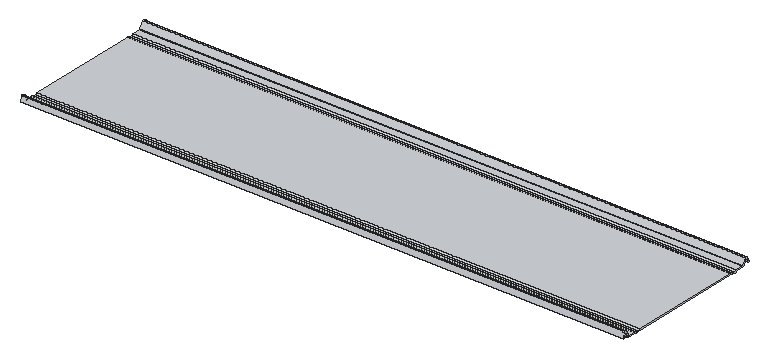
Revit family "LHBV24", category Lighting Fixtures, host Ceiling, Revit 2019
Family settings
  Host = Ceiling
  Round Connector Dimension = Use Diameter
  Part Type = Normal
  OmniClass Number = 23.80.70.11
  OmniClass Title = Luminaries for Internal Lighting
  Always vertical = Yes
  Cut with Voids When Loaded = No
  Light Source = Yes
  Shared = No
  Room Calculation Point = No
Parameters (values of type "LHBV24-LED840K150LUNV")
  Width = 1' - 2 143/256"
  Wattage = 106 W
  built-in parameter 1150110 = 1 (stored number, unit not read)
  Voltage = 120 V
  URL = "https://www.viscor.com/en/products/lhbv"
  built-in parameter 1114217 = 0.9 (stored number, unit not read)
  Tilt Angle = 90.00°
  built-in parameter 1150109 = 1 (stored number, unit not read)
  built-in parameter 1150134 = 12
  built-in parameter 1150113 = 1 (stored number, unit not read)
  Photometric Web File = "LHBV24-LED840K150LUNV-P05.ies"
  Model = "LHBV"  # constant formula
  Manufacturer = "VISIONEERING by VISCOR"  # constant formula
  Lumens = 15794 lm
  built-in parameter 1150115 = 1 (stored number, unit not read)
  built-in parameter 1150105 = 1256.8 (stored number, unit not read)
  built-in parameter 1150137 = (empty or 0)
  built-in parameter 1150139 = (empty or 0)
  Lens Finsih = Acrylic - Viscor - High Impact Textured
  Length = 4' - 3 31/32"
  Lamp Wattage = 106 VA
  built-in parameter 1150112 = 1 (stored number, unit not read)
  built-in parameter 1150114 = 1 (stored number, unit not read)
  Lamp = "LED"  # constant formula
  built-in parameter 1150132 = (empty or 0)
  built-in parameter 1150102 = (empty or 0)
  built-in parameter 1150138 = (empty or 0)
  built-in parameter 1150107 = 4000 (stored number, unit not read)
  built-in parameter 1150106 = 12.568 (stored number, unit not read)
  Housing Finish = Metal - Viscor - White
  Emit from Line Length = Length  # 4' - 3 31/32"
  built-in parameter 1150104 = 13.843 (stored number, unit not read)
  Dimming Lamp Color Temperature Shift = <None>
  Description = "LED High Bay Vapour"  # constant formula
  Color Filter = 16777215
  built-in parameter 1114218 = 1 (stored number, unit not read)
  built-in parameter 1150133 = 10 (stored number, unit not read)
  Assembly Code = "D5020200"
  Apparent Load = Lamp Wattage  # 106 VA
Types (6): name | Width | Wattage | Photometric Web File | Lumens | built-in parameter 1150105 | Length | Lamp Wattage | built-in parameter 1150106 | Emit from Line Length | built-in parameter 1150104 | Apparent Load
  (no name) | 1' - 2 143/256" | 106 W | "LHBV24-LED840K150LUNV-P05.ies" | 15794 lm | 1256.8 (stored number, unit not read) | 4' - 3 31/32" | 106 VA | 12.568 (stored number, unit not read) | 4' - 3 31/32" | 13.843 (stored number, unit not read) | 106 VA
  LHBV24-LED840K080LUNV | 1' - 2 143/256" | 56 W | "LHBV24-LED840K080LUNV-P05.ies" | 8288 lm | 659.54 (stored number, unit not read) | 4' - 3 31/32" | 56 VA | 6.5954 (stored number, unit not read) | 4' - 3 31/32" | 13.75 (stored number, unit not read) | 56 VA
  LHBV24-LED840K120LUNV | 1' - 2 9/16" | 84 W | "LHBV24-LED840K120LUNV-P05.ies" | 12768 lm | 1016 (stored number, unit not read) | 4' - 3 31/32" | 84 VA | 10.16 (stored number, unit not read) | 4' - 3 31/32" | 14.121 (stored number, unit not read) | 84 VA
  LHBV24-LED840K150LUNV | 1' - 2 143/256" | 106 W | "LHBV24-LED840K150LUNV-P05.ies" | 15794 lm | 1256.8 (stored number, unit not read) | 4' - 3 31/32" | 106 VA | 12.568 (stored number, unit not read) | 4' - 3 31/32" | 13.843 (stored number, unit not read) | 106 VA
  LHBV24-LED840K180LUNV | 1' - 2 143/256" | 127 W | "LHBV24-LED840K180LUNV-P05.ies" | 18923 lm | 1505.8 (stored number, unit not read) | 4' - 3 31/32" | 158 VA | 15.058 (stored number, unit not read) | 4' - 3 31/32" | 13.843 (stored number, unit not read) | 158 VA
  LHBV24-LED840K240LUNV | 1' - 2 143/256" | 166 W | 0' - 0" | 24568 lm | 1955.1 (stored number, unit not read) | 2' - 2 161/256" | 166 VA | 19.551 (stored number, unit not read) | 2' - 2 161/256" | 13.75 (stored number, unit not read) | 166 VA
Reference planes (in)
  plane 1 "Light Source Axis (F/B)": y = 0
  plane 2 "Ceiling": z = 96
  plane 3 "Light Source Axis (L/R)": x = 0
  plane 4 "Light Source Elevation": z = 89.875
  plane 5: x = -25.98437
  plane 6: x = 25.98438
  plane 7: y = 7.2793
  plane 8: y = -7.2793
  plane 9: y = 6.2793
  plane 10: y = -6.2793
  plane 11: x = -25.10937
  plane 12: x = 25.10938
Forms (in)
  Extrusion 1, solid
    sketch origin (0, 0, 0.9375) x (0, 1, 0) y (0, 0, 1)
      loop
        line (6.47114, 92.13912) -> (6.50133, 92.14721) -> (6.38637, 92.57623)
        arc (6.38637, 92.57623) -> (6.32768, 92.6277) -> (6.25767, 92.59317) r 0.07025
        line (6.25767, 92.59317) -> (5.97722, 92.10742)
        arc (5.97722, 92.10742) -> (5.96341, 92.0936) -> (5.94453, 92.08854) r 0.03775
        line (5.94453, 92.08854) -> (5.24849, 92.08854) -> (5.13766, 91.99554) -> (4.85844, 91.99554) -> (4.74761, 92.08854) -> (-4.74761, 92.08854) -> (-4.85844, 91.99554) -> (-5.13766, 91.99554) -> (-5.24849, 92.08854) -> (-5.94453, 92.08854)
        arc (-5.94453, 92.08854) -> (-5.96341, 92.0936) -> (-5.97722, 92.10742) r 0.03775
        line (-5.97722, 92.10742) -> (-6.25767, 92.59317)
        arc (-6.25767, 92.59317) -> (-6.32768, 92.6277) -> (-6.38637, 92.57623) r 0.07025
        line (-6.38637, 92.57623) -> (-6.50133, 92.14721) -> (-6.47114, 92.13912) -> (-6.35618, 92.56814)
        arc (-6.35618, 92.56814) -> (-6.3236, 92.59671) -> (-6.28474, 92.57755) r 0.039
        line (-6.28474, 92.57755) -> (-6.00429, 92.09179)
        arc (-6.00429, 92.09179) -> (-5.97903, 92.06654) -> (-5.94453, 92.05729) r 0.069
        line (-5.94453, 92.05729) -> (-5.25986, 92.05729) -> (-5.14903, 91.96429) -> (-4.84706, 91.96429) -> (-4.73623, 92.05729) -> (4.73623, 92.05729) -> (4.84706, 91.96429) -> (5.14903, 91.96429) -> (5.25986, 92.05729) -> (5.94453, 92.05729)
        arc (5.94453, 92.05729) -> (5.97903, 92.06654) -> (6.00429, 92.09179) r 0.069
        line (6.00429, 92.09179) -> (6.28474, 92.57755)
        arc (6.28474, 92.57755) -> (6.3236, 92.59671) -> (6.35618, 92.56814) r 0.039
        line (6.35618, 92.56814) -> (6.47114, 92.13912)
    from -25.10938 to 25.10938
Dimensions and locks (in)
  equal spacing: host sketch curve, plane 3 "Light Source Axis (L/R)", host sketch curve
  equal spacing: host sketch curve, plane 1 "Light Source Axis (F/B)", host sketch curve
  host sketch curve to host sketch curve = 10' - 0"  (x2)
  equal spacing: plane 5, plane 3 "Light Source Axis (L/R)", plane 6
  "Length": plane 5 to plane 6
  equal spacing: plane 7, plane 1 "Light Source Axis (F/B)", plane 8
  "Width": plane 7 to plane 8
  plane 5 to plane 3 "Light Source Axis (L/R)" = 2' - 1 63/64"
  plane 7 to plane 9 to plane 1 "Light Source Axis (F/B)" = 0' - 1" locked, 0' - 6.2793"
  locked: plane 8 to plane 10 at 1
  plane 6 to plane 3 "Light Source Axis (L/R)" = 2' - 1 63/64"
  plane 5 to plane 11 to plane 3 "Light Source Axis (L/R)" = 0' - 0 7/8" locked, 2' - 1 7/64"
  locked: plane 12 to plane 6 at 0.875
  aligned and locked: plane 3 "Light Source Axis (L/R)" to imposter light
  aligned and locked: plane 1 "Light Source Axis (F/B)" to imposter light
  aligned and locked: plane 4 "Light Source Elevation" to imposter light
  aligned and locked: Extrusion 1 to plane 11
  aligned and locked: plane 12 to Extrusion 1
Automatic sketch dimensions
  Extrusion 1 sketch curve to Extrusion 1 sketch curve = 0' - 0"  (x8)
  Extrusion 1 sketch curve to plane 10 = 0' - 0.22203"
  Extrusion 1 sketch curve to Extrusion 1 sketch curve = 0' - 0.03019"  (x2)
  Extrusion 1 sketch curve to plane 10 = 0' - 0.10707"
  Extrusion 1 sketch curve to Extrusion 1 sketch curve = 0' - 0.03767"  (x2)
  Extrusion 1 sketch curve to plane 10 = 0' - 0.00544"
  plane 10 to Extrusion 1 sketch curve = 0' - 0.02162"
  plane 10 to Extrusion 1 sketch curve = 0' - 0.27501"
  Extrusion 1 sketch curve to Extrusion 1 sketch curve = 0' - 0.02706"  (x2)
  Extrusion 1 sketch curve to Extrusion 1 sketch curve = 0' - 0.03269"  (x2)
  Extrusion 1 sketch curve to Extrusion 1 sketch curve = 0' - 0.68467"
  Extrusion 1 sketch curve to Extrusion 1 sketch curve = 0' - 0.01137"  (x8)
  Extrusion 1 sketch curve to Extrusion 1 sketch curve = 0' - 0.11083"  (x4)
  Extrusion 1 sketch curve to Extrusion 1 sketch curve = 0' - 0.27922"  (x2)
  Extrusion 1 sketch curve to plane 9 = 0' - 1.54307"
  Extrusion 1 sketch curve to plane 9 = 0' - 0.33477"
  plane 9 to Extrusion 1 sketch curve = 0' - 0.03922"
  plane 9 to Extrusion 1 sketch curve = 0' - 0.19184"
  Extrusion 1 sketch curve to plane 4 "Light Source Elevation" = 0' - 3.02679"  (x2)
  Extrusion 1 sketch curve to Extrusion 1 sketch curve = 0' - 0 1/32"  (x5)
  Extrusion 1 sketch curve to Extrusion 1 sketch curve = 0' - 0.06175"  (x2)
  Extrusion 1 sketch curve to Extrusion 1 sketch curve = 0' - 0.093"
  Extrusion 1 sketch curve to Extrusion 1 sketch curve = 0' - 0.00325"  (x2)
  Extrusion 1 sketch curve to Extrusion 1 sketch curve = 0' - 0.04733"  (x2)
  Extrusion 1 sketch curve to Extrusion 1 sketch curve = 0' - 0.00809"  (x3)
  Extrusion 1 sketch curve to Extrusion 1 sketch curve = 0' - 0.01009"
  Extrusion 1 sketch curve to Extrusion 1 sketch curve = 0' - 0.41893"
  Extrusion 1 sketch curve to plane 9 = 0' - 0.02162"
  plane 9 to Extrusion 1 sketch curve = 0' - 0.00544"
  Extrusion 1 sketch curve to Extrusion 1 sketch curve = 0' - 0 1/64"
Connectors (in)
  electrical at (0, 0, 89.875), driven by "Voltage", driven by "Lamp Wattage"
    settings: index 1, voltage 120 V, apparent load 0 VA, apparent load phase1 106 VA, apparent load phase2 0 VA, apparent load phase3 0 VA, power factor 1, load classification "Other", number of poles 1, system type 31, power factor state 1, is connector primary yes, connector utility no, sub classification motor no, connector description ""
